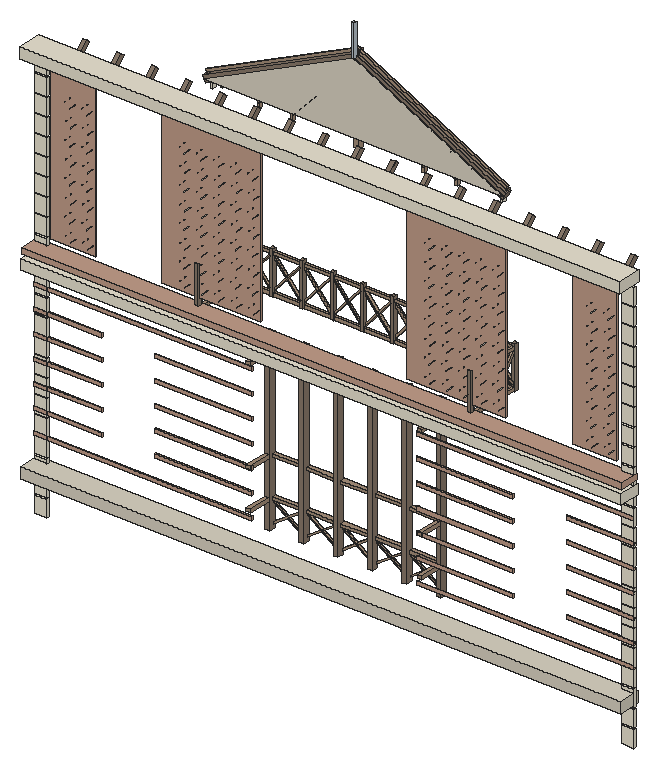
Revit family "AM_Detail_02_Rear_balcony_facade__observed", category Generic Models, Revit 2025 (continued)
Forms (mm)
  Extrusion 244, solid, material "AM Ivory carved stone"
    sketch origin (2220, 6031, 7185) x (0, 0, -1) y (1, 0, 0)
      loop
        line (0, 0) -> (165, -165) -> (330, 0) -> (165, 165) -> (0, 0)
    from 0 to 9
  Extrusion 245, solid, material "AM Ivory carved stone"
    sketch origin (2330, 6031, 7075) x (0, 0, -1) y (1, 0, 0)
      loop
        line (0, 0) -> (55, -55) -> (110, 0) -> (55, 55) -> (0, 0)
    from 0 to 9
  Extrusion 246, solid, material "AM Ivory carved stone"
    sketch origin (2110, 6031, 7075) x (0, 0, -1) y (1, 0, 0)
      loop
        line (0, 0) -> (55, -55) -> (110, 0) -> (55, 55) -> (0, 0)
    from 0 to 9
  Extrusion 247, solid, material "AM Ivory carved stone"
    sketch origin (2220, 6031, 6965) x (0, 0, -1) y (1, 0, 0)
      loop
        line (0, 0) -> (55, -55) -> (110, 0) -> (55, 55) -> (0, 0)
    from 0 to 9
  Extrusion 248, solid, material "AM Ivory carved stone"
    sketch origin (2220, 6031, 7185) x (0, 0, -1) y (1, 0, 0)
      loop
        line (0, 0) -> (55, -55) -> (110, 0) -> (55, 55) -> (0, 0)
    from 0 to 9
  Extrusion 249, solid, material "AM Ivory carved stone"
    sketch origin (3800, 6031, 7585) x (0, 0, -1) y (1, 0, 0)
      loop
        line (0, 0) -> (165, -165) -> (330, 0) -> (165, 165) -> (0, 0)
    from 0 to 9
  Extrusion 250, solid, material "AM Ivory carved stone"
    sketch origin (3910, 6031, 7475) x (0, 0, -1) y (1, 0, 0)
      loop
        line (0, 0) -> (55, -55) -> (110, 0) -> (55, 55) -> (0, 0)
    from 0 to 9
  Extrusion 251, solid, material "AM Ivory carved stone"
    sketch origin (3690, 6031, 7475) x (0, 0, -1) y (1, 0, 0)
      loop
        line (0, 0) -> (55, -55) -> (110, 0) -> (55, 55) -> (0, 0)
    from 0 to 9
  Extrusion 252, solid, material "AM Ivory carved stone"
    sketch origin (3800, 6031, 7365) x (0, 0, -1) y (1, 0, 0)
      loop
        line (0, 0) -> (55, -55) -> (110, 0) -> (55, 55) -> (0, 0)
    from 0 to 9
  Extrusion 253, solid, material "AM Ivory carved stone"
    sketch origin (3800, 6031, 7585) x (0, 0, -1) y (1, 0, 0)
      loop
        line (0, 0) -> (55, -55) -> (110, 0) -> (55, 55) -> (0, 0)
    from 0 to 9
  Extrusion 254, solid, material "AM Ivory carved stone"
    sketch origin (3400, 6031, 7585) x (0, 0, -1) y (1, 0, 0)
      loop
        line (0, 0) -> (165, -165) -> (330, 0) -> (165, 165) -> (0, 0)
    from 0 to 9
  Extrusion 255, solid, material "AM Ivory carved stone"
    sketch origin (3510, 6031, 7475) x (0, 0, -1) y (1, 0, 0)
      loop
        line (0, 0) -> (55, -55) -> (110, 0) -> (55, 55) -> (0, 0)
    from 0 to 9
  Extrusion 256, solid, material "AM Ivory carved stone"
    sketch origin (3290, 6031, 7475) x (0, 0, -1) y (1, 0, 0)
      loop
        line (0, 0) -> (55, -55) -> (110, 0) -> (55, 55) -> (0, 0)
    from 0 to 9
  Extrusion 257, solid, material "AM Ivory carved stone"
    sketch origin (3400, 6031, 7365) x (0, 0, -1) y (1, 0, 0)
      loop
        line (0, 0) -> (55, -55) -> (110, 0) -> (55, 55) -> (0, 0)
    from 0 to 9
  Extrusion 258, solid, material "AM Ivory carved stone"
    sketch origin (3400, 6031, 7585) x (0, 0, -1) y (1, 0, 0)
      loop
        line (0, 0) -> (55, -55) -> (110, 0) -> (55, 55) -> (0, 0)
    from 0 to 9
  Extrusion 259, solid, material "AM Ivory carved stone"
    sketch origin (3000, 6031, 7585) x (0, 0, -1) y (1, 0, 0)
      loop
        line (0, 0) -> (165, -165) -> (330, 0) -> (165, 165) -> (0, 0)
    from 0 to 9
  Extrusion 260, solid, material "AM Ivory carved stone"
    sketch origin (3110, 6031, 7475) x (0, 0, -1) y (1, 0, 0)
      loop
        line (0, 0) -> (55, -55) -> (110, 0) -> (55, 55) -> (0, 0)
    from 0 to 9
  Extrusion 261, solid, material "AM Ivory carved stone"
    sketch origin (2890, 6031, 7475) x (0, 0, -1) y (1, 0, 0)
      loop
        line (0, 0) -> (55, -55) -> (110, 0) -> (55, 55) -> (0, 0)
    from 0 to 9
  Extrusion 262, solid, material "AM Ivory carved stone"
    sketch origin (3000, 6031, 7365) x (0, 0, -1) y (1, 0, 0)
      loop
        line (0, 0) -> (55, -55) -> (110, 0) -> (55, 55) -> (0, 0)
    from 0 to 9
  Extrusion 263, solid, material "AM Ivory carved stone"
    sketch origin (3000, 6031, 7585) x (0, 0, -1) y (1, 0, 0)
      loop
        line (0, 0) -> (55, -55) -> (110, 0) -> (55, 55) -> (0, 0)
    from 0 to 9
  Extrusion 264, solid, material "AM Ivory carved stone"
    sketch origin (2600, 6031, 7585) x (0, 0, -1) y (1, 0, 0)
      loop
        line (0, 0) -> (165, -165) -> (330, 0) -> (165, 165) -> (0, 0)
    from 0 to 9
  Extrusion 265, solid, material "AM Ivory carved stone"
    sketch origin (2710, 6031, 7475) x (0, 0, -1) y (1, 0, 0)
      loop
        line (0, 0) -> (55, -55) -> (110, 0) -> (55, 55) -> (0, 0)
    from 0 to 9
  Extrusion 266, solid, material "AM Ivory carved stone"
    sketch origin (2490, 6031, 7475) x (0, 0, -1) y (1, 0, 0)
      loop
        line (0, 0) -> (55, -55) -> (110, 0) -> (55, 55) -> (0, 0)
    from 0 to 9
  Extrusion 267, solid, material "AM Ivory carved stone"
    sketch origin (2600, 6031, 7365) x (0, 0, -1) y (1, 0, 0)
      loop
        line (0, 0) -> (55, -55) -> (110, 0) -> (55, 55) -> (0, 0)
    from 0 to 9
  Extrusion 268, solid, material "AM Ivory carved stone"
    sketch origin (2600, 6031, 7585) x (0, 0, -1) y (1, 0, 0)
      loop
        line (0, 0) -> (55, -55) -> (110, 0) -> (55, 55) -> (0, 0)
    from 0 to 9
  Extrusion 269, solid, material "AM Ivory carved stone"
    sketch origin (2200, 6031, 7585) x (0, 0, -1) y (1, 0, 0)
      loop
        line (0, 0) -> (165, -165) -> (330, 0) -> (165, 165) -> (0, 0)
    from 0 to 9
  Extrusion 270, solid, material "AM Ivory carved stone"
    sketch origin (2310, 6031, 7475) x (0, 0, -1) y (1, 0, 0)
      loop
        line (0, 0) -> (55, -55) -> (110, 0) -> (55, 55) -> (0, 0)
    from 0 to 9
  Extrusion 271, solid, material "AM Ivory carved stone"
    sketch origin (2090, 6031, 7475) x (0, 0, -1) y (1, 0, 0)
      loop
        line (0, 0) -> (55, -55) -> (110, 0) -> (55, 55) -> (0, 0)
    from 0 to 9
  Extrusion 272, solid, material "AM Ivory carved stone"
    sketch origin (2200, 6031, 7365) x (0, 0, -1) y (1, 0, 0)
      loop
        line (0, 0) -> (55, -55) -> (110, 0) -> (55, 55) -> (0, 0)
    from 0 to 9
  Extrusion 273, solid, material "AM Ivory carved stone"
    sketch origin (2200, 6031, 7585) x (0, 0, -1) y (1, 0, 0)
      loop
        line (0, 0) -> (55, -55) -> (110, 0) -> (55, 55) -> (0, 0)
    from 0 to 9
  Extrusion 274, solid, material "AM Ivory carved stone"
    sketch origin (3820, 6031, 7985) x (0, 0, -1) y (1, 0, 0)
      loop
        line (0, 0) -> (165, -165) -> (330, 0) -> (165, 165) -> (0, 0)
    from 0 to 9
  Extrusion 275, solid, material "AM Ivory carved stone"
    sketch origin (3930, 6031, 7875) x (0, 0, -1) y (1, 0, 0)
      loop
        line (0, 0) -> (55, -55) -> (110, 0) -> (55, 55) -> (0, 0)
    from 0 to 9
  Extrusion 276, solid, material "AM Ivory carved stone"
    sketch origin (3710, 6031, 7875) x (0, 0, -1) y (1, 0, 0)
      loop
        line (0, 0) -> (55, -55) -> (110, 0) -> (55, 55) -> (0, 0)
    from 0 to 9
  Extrusion 277, solid, material "AM Ivory carved stone"
    sketch origin (3820, 6031, 7765) x (0, 0, -1) y (1, 0, 0)
      loop
        line (0, 0) -> (55, -55) -> (110, 0) -> (55, 55) -> (0, 0)
    from 0 to 9
  Extrusion 278, solid, material "AM Ivory carved stone"
    sketch origin (3820, 6031, 7985) x (0, 0, -1) y (1, 0, 0)
      loop
        line (0, 0) -> (55, -55) -> (110, 0) -> (55, 55) -> (0, 0)
    from 0 to 9
  Extrusion 279, solid, material "AM Ivory carved stone"
    sketch origin (3420, 6031, 7985) x (0, 0, -1) y (1, 0, 0)
      loop
        line (0, 0) -> (165, -165) -> (330, 0) -> (165, 165) -> (0, 0)
    from 0 to 9
  Extrusion 280, solid, material "AM Ivory carved stone"
    sketch origin (3530, 6031, 7875) x (0, 0, -1) y (1, 0, 0)
      loop
        line (0, 0) -> (55, -55) -> (110, 0) -> (55, 55) -> (0, 0)
    from 0 to 9
  Extrusion 281, solid, material "AM Ivory carved stone"
    sketch origin (3310, 6031, 7875) x (0, 0, -1) y (1, 0, 0)
      loop
        line (0, 0) -> (55, -55) -> (110, 0) -> (55, 55) -> (0, 0)
    from 0 to 9
  Extrusion 282, solid, material "AM Ivory carved stone"
    sketch origin (3420, 6031, 7765) x (0, 0, -1) y (1, 0, 0)
      loop
        line (0, 0) -> (55, -55) -> (110, 0) -> (55, 55) -> (0, 0)
    from 0 to 9
  Extrusion 283, solid, material "AM Ivory carved stone"
    sketch origin (3420, 6031, 7985) x (0, 0, -1) y (1, 0, 0)
      loop
        line (0, 0) -> (55, -55) -> (110, 0) -> (55, 55) -> (0, 0)
    from 0 to 9
  Extrusion 284, solid, material "AM Ivory carved stone"
    sketch origin (3020, 6031, 7985) x (0, 0, -1) y (1, 0, 0)
      loop
        line (0, 0) -> (165, -165) -> (330, 0) -> (165, 165) -> (0, 0)
    from 0 to 9
  Extrusion 285, solid, material "AM Ivory carved stone"
    sketch origin (3130, 6031, 7875) x (0, 0, -1) y (1, 0, 0)
      loop
        line (0, 0) -> (55, -55) -> (110, 0) -> (55, 55) -> (0, 0)
    from 0 to 9
  Extrusion 286, solid, material "AM Ivory carved stone"
    sketch origin (2910, 6031, 7875) x (0, 0, -1) y (1, 0, 0)
      loop
        line (0, 0) -> (55, -55) -> (110, 0) -> (55, 55) -> (0, 0)
    from 0 to 9
  Extrusion 287, solid, material "AM Ivory carved stone"
    sketch origin (3020, 6031, 7765) x (0, 0, -1) y (1, 0, 0)
      loop
        line (0, 0) -> (55, -55) -> (110, 0) -> (55, 55) -> (0, 0)
    from 0 to 9
  Extrusion 288, solid, material "AM Ivory carved stone"
    sketch origin (3020, 6031, 7985) x (0, 0, -1) y (1, 0, 0)
      loop
        line (0, 0) -> (55, -55) -> (110, 0) -> (55, 55) -> (0, 0)
    from 0 to 9
  Extrusion 289, solid, material "AM Ivory carved stone"
    sketch origin (2620, 6031, 7985) x (0, 0, -1) y (1, 0, 0)
      loop
        line (0, 0) -> (165, -165) -> (330, 0) -> (165, 165) -> (0, 0)
    from 0 to 9
  Extrusion 290, solid, material "AM Ivory carved stone"
    sketch origin (2730, 6031, 7875) x (0, 0, -1) y (1, 0, 0)
      loop
        line (0, 0) -> (55, -55) -> (110, 0) -> (55, 55) -> (0, 0)
    from 0 to 9
  Extrusion 291, solid, material "AM Ivory carved stone"
    sketch origin (2510, 6031, 7875) x (0, 0, -1) y (1, 0, 0)
      loop
        line (0, 0) -> (55, -55) -> (110, 0) -> (55, 55) -> (0, 0)
    from 0 to 9
  Extrusion 292, solid, material "AM Ivory carved stone"
    sketch origin (2620, 6031, 7765) x (0, 0, -1) y (1, 0, 0)
      loop
        line (0, 0) -> (55, -55) -> (110, 0) -> (55, 55) -> (0, 0)
    from 0 to 9
  Extrusion 293, solid, material "AM Ivory carved stone"
    sketch origin (2620, 6031, 7985) x (0, 0, -1) y (1, 0, 0)
      loop
        line (0, 0) -> (55, -55) -> (110, 0) -> (55, 55) -> (0, 0)
    from 0 to 9
  Extrusion 294, solid, material "AM Ivory carved stone"
    sketch origin (2220, 6031, 7985) x (0, 0, -1) y (1, 0, 0)
      loop
        line (0, 0) -> (165, -165) -> (330, 0) -> (165, 165) -> (0, 0)
    from 0 to 9
  Extrusion 295, solid, material "AM Ivory carved stone"
    sketch origin (2330, 6031, 7875) x (0, 0, -1) y (1, 0, 0)
      loop
        line (0, 0) -> (55, -55) -> (110, 0) -> (55, 55) -> (0, 0)
    from 0 to 9
  Extrusion 296, solid, material "AM Ivory carved stone"
    sketch origin (2110, 6031, 7875) x (0, 0, -1) y (1, 0, 0)
      loop
        line (0, 0) -> (55, -55) -> (110, 0) -> (55, 55) -> (0, 0)
    from 0 to 9
  Extrusion 297, solid, material "AM Ivory carved stone"
    sketch origin (2220, 6031, 7765) x (0, 0, -1) y (1, 0, 0)
      loop
        line (0, 0) -> (55, -55) -> (110, 0) -> (55, 55) -> (0, 0)
    from 0 to 9
  Extrusion 298, solid, material "AM Ivory carved stone"
    sketch origin (2220, 6031, 7985) x (0, 0, -1) y (1, 0, 0)
      loop
        line (0, 0) -> (55, -55) -> (110, 0) -> (55, 55) -> (0, 0)
    from 0 to 9
  Extrusion 299, solid, material "AM Ivory carved stone"
    sketch origin (3800, 6031, 8385) x (0, 0, -1) y (1, 0, 0)
      loop
        line (0, 0) -> (165, -165) -> (330, 0) -> (165, 165) -> (0, 0)
    from 0 to 9
  Extrusion 300, solid, material "AM Ivory carved stone"
    sketch origin (3910, 6031, 8275) x (0, 0, -1) y (1, 0, 0)
      loop
        line (0, 0) -> (54.999, -55) -> (110, 0) -> (54.999, 55) -> (0, 0)
    from 0 to 9
  Extrusion 301, solid, material "AM Ivory carved stone"
    sketch origin (3690, 6031, 8275) x (0, 0, -1) y (1, 0, 0)
      loop
        line (0, 0) -> (54.999, -55) -> (110, 0) -> (54.999, 55) -> (0, 0)
    from 0 to 9
  Extrusion 302, solid, material "AM Ivory carved stone"
    sketch origin (3800, 6031, 8165) x (0, 0, -1) y (1, 0, 0)
      loop
        line (0, 0) -> (55, -55) -> (110, 0) -> (55, 55) -> (0, 0)
    from 0 to 9
  Extrusion 303, solid, material "AM Ivory carved stone"
    sketch origin (3800, 6031, 8385) x (0, 0, -1) y (1, 0, 0)
      loop
        line (0, 0) -> (55, -55) -> (110.001, 0) -> (55, 55) -> (0, 0)
    from 0 to 9
  Extrusion 304, solid, material "AM Ivory carved stone"
    sketch origin (3400, 6031, 8385) x (0, 0, -1) y (1, 0, 0)
      loop
        line (0, 0) -> (165, -165) -> (330, 0) -> (165, 165) -> (0, 0)
    from 0 to 9
  Extrusion 305, solid, material "AM Ivory carved stone"
    sketch origin (3510, 6031, 8275) x (0, 0, -1) y (1, 0, 0)
      loop
        line (0, 0) -> (54.999, -55) -> (110, 0) -> (54.999, 55) -> (0, 0)
    from 0 to 9
  Extrusion 306, solid, material "AM Ivory carved stone"
    sketch origin (3290, 6031, 8275) x (0, 0, -1) y (1, 0, 0)
      loop
        line (0, 0) -> (54.999, -55) -> (110, 0) -> (54.999, 55) -> (0, 0)
    from 0 to 9
  Extrusion 307, solid, material "AM Ivory carved stone"
    sketch origin (3400, 6031, 8165) x (0, 0, -1) y (1, 0, 0)
      loop
        line (0, 0) -> (55, -55) -> (110, 0) -> (55, 55) -> (0, 0)
    from 0 to 9
  Extrusion 308, solid, material "AM Ivory carved stone"
    sketch origin (3400, 6031, 8385) x (0, 0, -1) y (1, 0, 0)
      loop
        line (0, 0) -> (55, -55) -> (110.001, 0) -> (55, 55) -> (0, 0)
    from 0 to 9
  Extrusion 309, solid, material "AM Ivory carved stone"
    sketch origin (3000, 6031, 8385) x (0, 0, -1) y (1, 0, 0)
      loop
        line (0, 0) -> (165, -165) -> (330, 0) -> (165, 165) -> (0, 0)
    from 0 to 9
  Extrusion 310, solid, material "AM Ivory carved stone"
    sketch origin (3110, 6031, 8275) x (0, 0, -1) y (1, 0, 0)
      loop
        line (0, 0) -> (54.999, -55) -> (110, 0) -> (54.999, 55) -> (0, 0)
    from 0 to 9
  Extrusion 311, solid, material "AM Ivory carved stone"
    sketch origin (2890, 6031, 8275) x (0, 0, -1) y (1, 0, 0)
      loop
        line (0, 0) -> (54.999, -55) -> (110, 0) -> (54.999, 55) -> (0, 0)
    from 0 to 9
  Extrusion 312, solid, material "AM Ivory carved stone"
    sketch origin (3000, 6031, 8165) x (0, 0, -1) y (1, 0, 0)
      loop
        line (0, 0) -> (55, -55) -> (110, 0) -> (55, 55) -> (0, 0)
    from 0 to 9
  Extrusion 313, solid, material "AM Ivory carved stone"
    sketch origin (3000, 6031, 8385) x (0, 0, -1) y (1, 0, 0)
      loop
        line (0, 0) -> (55, -55) -> (110.001, 0) -> (55, 55) -> (0, 0)
    from 0 to 9
  Extrusion 314, solid, material "AM Ivory carved stone"
    sketch origin (2600, 6031, 8385) x (0, 0, -1) y (1, 0, 0)
      loop
        line (0, 0) -> (165, -165) -> (330, 0) -> (165, 165) -> (0, 0)
    from 0 to 9
  Extrusion 315, solid, material "AM Ivory carved stone"
    sketch origin (2710, 6031, 8275) x (0, 0, -1) y (1, 0, 0)
      loop
        line (0, 0) -> (54.999, -55) -> (110, 0) -> (54.999, 55) -> (0, 0)
    from 0 to 9
  Extrusion 316, solid, material "AM Ivory carved stone"
    sketch origin (2490, 6031, 8275) x (0, 0, -1) y (1, 0, 0)
      loop
        line (0, 0) -> (54.999, -55) -> (110, 0) -> (54.999, 55) -> (0, 0)
    from 0 to 9
  Extrusion 317, solid, material "AM Ivory carved stone"
    sketch origin (2600, 6031, 8165) x (0, 0, -1) y (1, 0, 0)
      loop
        line (0, 0) -> (55, -55) -> (110, 0) -> (55, 55) -> (0, 0)
    from 0 to 9
  Extrusion 318, solid, material "AM Ivory carved stone"
    sketch origin (2600, 6031, 8385) x (0, 0, -1) y (1, 0, 0)
      loop
        line (0, 0) -> (55, -55) -> (110.001, 0) -> (55, 55) -> (0, 0)
    from 0 to 9
  Extrusion 319, solid, material "AM Ivory carved stone"
    sketch origin (2200, 6031, 8385) x (0, 0, -1) y (1, 0, 0)
      loop
        line (0, 0) -> (165, -165) -> (330, 0) -> (165, 165) -> (0, 0)
    from 0 to 9
  Extrusion 320, solid, material "AM Ivory carved stone"
    sketch origin (2310, 6031, 8275) x (0, 0, -1) y (1, 0, 0)
      loop
        line (0, 0) -> (54.999, -55) -> (110, 0) -> (54.999, 55) -> (0, 0)
    from 0 to 9
  Extrusion 321, solid, material "AM Ivory carved stone"
    sketch origin (2090, 6031, 8275) x (0, 0, -1) y (1, 0, 0)
      loop
        line (0, 0) -> (54.999, -55) -> (110, 0) -> (54.999, 55) -> (0, 0)
    from 0 to 9
  Extrusion 322, solid, material "AM Ivory carved stone"
    sketch origin (2200, 6031, 8165) x (0, 0, -1) y (1, 0, 0)
      loop
        line (0, 0) -> (55, -55) -> (110, 0) -> (55, 55) -> (0, 0)
    from 0 to 9
  Extrusion 323, solid, material "AM Ivory carved stone"
    sketch origin (2200, 6031, 8385) x (0, 0, -1) y (1, 0, 0)
      loop
        line (0, 0) -> (55, -55) -> (110.001, 0) -> (55, 55) -> (0, 0)
    from 0 to 9
  Extrusion 324, solid, material "AM Ivory carved stone"
    sketch origin (3820, 6031, 8785) x (0, 0, -1) y (1, 0, 0)
      loop
        line (0, 0) -> (165, -165) -> (330, 0) -> (165, 165) -> (0, 0)
    from 0 to 9
  Extrusion 325, solid, material "AM Ivory carved stone"
    sketch origin (3930, 6031, 8675) x (0, 0, -1) y (1, 0, 0)
      loop
        line (0, 0) -> (55, -55) -> (110.001, 0) -> (55, 55) -> (0, 0)
    from 0 to 9
  Extrusion 326, solid, material "AM Ivory carved stone"
    sketch origin (3710, 6031, 8675) x (0, 0, -1) y (1, 0, 0)
      loop
        line (0, 0) -> (55, -55) -> (110.001, 0) -> (55, 55) -> (0, 0)
    from 0 to 9
  Extrusion 327, solid, material "AM Ivory carved stone"
    sketch origin (3820, 6031, 8565) x (0, 0, -1) y (1, 0, 0)
      loop
        line (0, 0) -> (54.999, -55) -> (110, 0) -> (54.999, 55) -> (0, 0)
    from 0 to 9
  Extrusion 328, solid, material "AM Ivory carved stone"
    sketch origin (3820, 6031, 8785) x (0, 0, -1) y (1, 0, 0)
      loop
        line (0, 0) -> (55, -55) -> (110, 0) -> (55, 55) -> (0, 0)
    from 0 to 9
  Extrusion 329, solid, material "AM Ivory carved stone"
    sketch origin (3420, 6031, 8785) x (0, 0, -1) y (1, 0, 0)
      loop
        line (0, 0) -> (165, -165) -> (330, 0) -> (165, 165) -> (0, 0)
    from 0 to 9
  Extrusion 330, solid, material "AM Ivory carved stone"
    sketch origin (3530, 6031, 8675) x (0, 0, -1) y (1, 0, 0)
      loop
        line (0, 0) -> (55, -55) -> (110.001, 0) -> (55, 55) -> (0, 0)
    from 0 to 9
  Extrusion 331, solid, material "AM Ivory carved stone"
    sketch origin (3310, 6031, 8675) x (0, 0, -1) y (1, 0, 0)
      loop
        line (0, 0) -> (55, -55) -> (110.001, 0) -> (55, 55) -> (0, 0)
    from 0 to 9
  Extrusion 332, solid, material "AM Ivory carved stone"
    sketch origin (3420, 6031, 8565) x (0, 0, -1) y (1, 0, 0)
      loop
        line (0, 0) -> (54.999, -55) -> (110, 0) -> (54.999, 55) -> (0, 0)
    from 0 to 9
  Extrusion 333, solid, material "AM Ivory carved stone"
    sketch origin (3420, 6031, 8785) x (0, 0, -1) y (1, 0, 0)
      loop
        line (0, 0) -> (55, -55) -> (110, 0) -> (55, 55) -> (0, 0)
    from 0 to 9
  Extrusion 334, solid, material "AM Ivory carved stone"
    sketch origin (3020, 6031, 8785) x (0, 0, -1) y (1, 0, 0)
      loop
        line (0, 0) -> (165, -165) -> (330, 0) -> (165, 165) -> (0, 0)
    from 0 to 9
  Extrusion 335, solid, material "AM Ivory carved stone"
    sketch origin (3130, 6031, 8675) x (0, 0, -1) y (1, 0, 0)
      loop
        line (0, 0) -> (55, -55) -> (110.001, 0) -> (55, 55) -> (0, 0)
    from 0 to 9
  Extrusion 336, solid, material "AM Ivory carved stone"
    sketch origin (2910, 6031, 8675) x (0, 0, -1) y (1, 0, 0)
      loop
        line (0, 0) -> (55, -55) -> (110.001, 0) -> (55, 55) -> (0, 0)
    from 0 to 9
  Extrusion 337, solid, material "AM Ivory carved stone"
    sketch origin (3020, 6031, 8565) x (0, 0, -1) y (1, 0, 0)
      loop
        line (0, 0) -> (54.999, -55) -> (110, 0) -> (54.999, 55) -> (0, 0)
    from 0 to 9
  Extrusion 338, solid, material "AM Ivory carved stone"
    sketch origin (3020, 6031, 8785) x (0, 0, -1) y (1, 0, 0)
      loop
        line (0, 0) -> (55, -55) -> (110, 0) -> (55, 55) -> (0, 0)
    from 0 to 9
  Extrusion 339, solid, material "AM Ivory carved stone"
    sketch origin (2620, 6031, 8785) x (0, 0, -1) y (1, 0, 0)
      loop
        line (0, 0) -> (165, -165) -> (330, 0) -> (165, 165) -> (0, 0)
    from 0 to 9
  Extrusion 340, solid, material "AM Ivory carved stone"
    sketch origin (2730, 6031, 8675) x (0, 0, -1) y (1, 0, 0)
      loop
        line (0, 0) -> (55, -55) -> (110.001, 0) -> (55, 55) -> (0, 0)
    from 0 to 9
  Extrusion 341, solid, material "AM Ivory carved stone"
    sketch origin (2510, 6031, 8675) x (0, 0, -1) y (1, 0, 0)
      loop
        line (0, 0) -> (55, -55) -> (110.001, 0) -> (55, 55) -> (0, 0)
    from 0 to 9
  Extrusion 342, solid, material "AM Ivory carved stone"
    sketch origin (2620, 6031, 8565) x (0, 0, -1) y (1, 0, 0)
      loop
        line (0, 0) -> (54.999, -55) -> (110, 0) -> (54.999, 55) -> (0, 0)
    from 0 to 9
  Extrusion 343, solid, material "AM Ivory carved stone"
    sketch origin (2620, 6031, 8785) x (0, 0, -1) y (1, 0, 0)
      loop
        line (0, 0) -> (55, -55) -> (110, 0) -> (55, 55) -> (0, 0)
    from 0 to 9
  Extrusion 344, solid, material "AM Ivory carved stone"
    sketch origin (2220, 6031, 8785) x (0, 0, -1) y (1, 0, 0)
      loop
        line (0, 0) -> (165, -165) -> (330, 0) -> (165, 165) -> (0, 0)
    from 0 to 9
  Extrusion 345, solid, material "AM Ivory carved stone"
    sketch origin (2330, 6031, 8675) x (0, 0, -1) y (1, 0, 0)
      loop
        line (0, 0) -> (55, -55) -> (110.001, 0) -> (55, 55) -> (0, 0)
    from 0 to 9
  Extrusion 346, solid, material "AM Ivory carved stone"
    sketch origin (2110, 6031, 8675) x (0, 0, -1) y (1, 0, 0)
      loop
        line (0, 0) -> (55, -55) -> (110.001, 0) -> (55, 55) -> (0, 0)
    from 0 to 9
  Extrusion 347, solid, material "AM Ivory carved stone"
    sketch origin (2220, 6031, 8565) x (0, 0, -1) y (1, 0, 0)
      loop
        line (0, 0) -> (54.999, -55) -> (110, 0) -> (54.999, 55) -> (0, 0)
    from 0 to 9
  Extrusion 348, solid, material "AM Ivory carved stone"
    sketch origin (2220, 6031, 8785) x (0, 0, -1) y (1, 0, 0)
      loop
        line (0, 0) -> (55, -55) -> (110, 0) -> (55, 55) -> (0, 0)
    from 0 to 9
  Extrusion 349, solid, material "AM Ivory carved stone"
    sketch origin (3800, 6031, 9185) x (0, 0, -1) y (1, 0, 0)
      loop
        line (0, 0) -> (165, -165) -> (330.001, 0) -> (165, 165) -> (0, 0)
    from 0 to 9
  Extrusion 350, solid, material "AM Ivory carved stone"
    sketch origin (3910, 6031, 9075) x (0, 0, -1) y (1, 0, 0)
      loop
        line (0, 0) -> (54.999, -55) -> (110, 0) -> (54.999, 55) -> (0, 0)
    from 0 to 9
  Extrusion 351, solid, material "AM Ivory carved stone"
    sketch origin (3690, 6031, 9075) x (0, 0, -1) y (1, 0, 0)
      loop
        line (0, 0) -> (54.999, -55) -> (110, 0) -> (54.999, 55) -> (0, 0)
    from 0 to 9
  Extrusion 352, solid, material "AM Ivory carved stone"
    sketch origin (3800, 6031, 8965) x (0, 0, -1) y (1, 0, 0)
      loop
        line (0, 0) -> (55, -55) -> (110.001, 0) -> (55, 55) -> (0, 0)
    from 0 to 9
  Extrusion 353, solid, material "AM Ivory carved stone"
    sketch origin (3800, 6031, 9185) x (0, 0, -1) y (1, 0, 0)
      loop
        line (0, 0) -> (55, -55) -> (110.001, 0) -> (55, 55) -> (0, 0)
    from 0 to 9
  Extrusion 354, solid, material "AM Ivory carved stone"
    sketch origin (3400, 6031, 9185) x (0, 0, -1) y (1, 0, 0)
      loop
        line (0, 0) -> (165, -165) -> (330.001, 0) -> (165, 165) -> (0, 0)
    from 0 to 9
  Extrusion 355, solid, material "AM Ivory carved stone"
    sketch origin (3510, 6031, 9075) x (0, 0, -1) y (1, 0, 0)
      loop
        line (0, 0) -> (54.999, -55) -> (110, 0) -> (54.999, 55) -> (0, 0)
    from 0 to 9
  Extrusion 356, solid, material "AM Ivory carved stone"
    sketch origin (3290, 6031, 9075) x (0, 0, -1) y (1, 0, 0)
      loop
        line (0, 0) -> (54.999, -55) -> (110, 0) -> (54.999, 55) -> (0, 0)
    from 0 to 9
  Extrusion 357, solid, material "AM Ivory carved stone"
    sketch origin (3400, 6031, 8965) x (0, 0, -1) y (1, 0, 0)
      loop
        line (0, 0) -> (55, -55) -> (110.001, 0) -> (55, 55) -> (0, 0)
    from 0 to 9
  Extrusion 358, solid, material "AM Ivory carved stone"
    sketch origin (3400, 6031, 9185) x (0, 0, -1) y (1, 0, 0)
      loop
        line (0, 0) -> (55, -55) -> (110.001, 0) -> (55, 55) -> (0, 0)
    from 0 to 9
  Extrusion 359, solid, material "AM Ivory carved stone"
    sketch origin (3000, 6031, 9185) x (0, 0, -1) y (1, 0, 0)
      loop
        line (0, 0) -> (165, -165) -> (330.001, 0) -> (165, 165) -> (0, 0)
    from 0 to 9
  Extrusion 360, solid, material "AM Ivory carved stone"
    sketch origin (3110, 6031, 9075) x (0, 0, -1) y (1, 0, 0)
      loop
        line (0, 0) -> (54.999, -55) -> (110, 0) -> (54.999, 55) -> (0, 0)
    from 0 to 9
  Extrusion 361, solid, material "AM Ivory carved stone"
    sketch origin (2890, 6031, 9075) x (0, 0, -1) y (1, 0, 0)
      loop
        line (0, 0) -> (54.999, -55) -> (110, 0) -> (54.999, 55) -> (0, 0)
    from 0 to 9
  Extrusion 362, solid, material "AM Ivory carved stone"
    sketch origin (3000, 6031, 8965) x (0, 0, -1) y (1, 0, 0)
      loop
        line (0, 0) -> (55, -55) -> (110.001, 0) -> (55, 55) -> (0, 0)
    from 0 to 9
  Extrusion 363, solid, material "AM Ivory carved stone"
    sketch origin (3000, 6031, 9185) x (0, 0, -1) y (1, 0, 0)
      loop
        line (0, 0) -> (55, -55) -> (110.001, 0) -> (55, 55) -> (0, 0)
    from 0 to 9
  Extrusion 364, solid, material "AM Ivory carved stone"
    sketch origin (2600, 6031, 9185) x (0, 0, -1) y (1, 0, 0)
      loop
        line (0, 0) -> (165, -165) -> (330.001, 0) -> (165, 165) -> (0, 0)
    from 0 to 9
  Extrusion 365, solid, material "AM Ivory carved stone"
    sketch origin (2710, 6031, 9075) x (0, 0, -1) y (1, 0, 0)
      loop
        line (0, 0) -> (54.999, -55) -> (110, 0) -> (54.999, 55) -> (0, 0)
    from 0 to 9
  Extrusion 366, solid, material "AM Ivory carved stone"
    sketch origin (2490, 6031, 9075) x (0, 0, -1) y (1, 0, 0)
      loop
        line (0, 0) -> (54.999, -55) -> (110, 0) -> (54.999, 55) -> (0, 0)
    from 0 to 9
  Extrusion 367, solid, material "AM Ivory carved stone"
    sketch origin (2600, 6031, 8965) x (0, 0, -1) y (1, 0, 0)
      loop
        line (0, 0) -> (55, -55) -> (110.001, 0) -> (55, 55) -> (0, 0)
    from 0 to 9
  Extrusion 368, solid, material "AM Ivory carved stone"
    sketch origin (2600, 6031, 9185) x (0, 0, -1) y (1, 0, 0)
      loop
        line (0, 0) -> (55, -55) -> (110.001, 0) -> (55, 55) -> (0, 0)
    from 0 to 9
  Extrusion 369, solid, material "AM Ivory carved stone"
    sketch origin (2200, 6031, 9185) x (0, 0, -1) y (1, 0, 0)
      loop
        line (0, 0) -> (165, -165) -> (330.001, 0) -> (165, 165) -> (0, 0)
    from 0 to 9
  Extrusion 370, solid, material "AM Ivory carved stone"
    sketch origin (2310, 6031, 9075) x (0, 0, -1) y (1, 0, 0)
      loop
        line (0, 0) -> (54.999, -55) -> (110, 0) -> (54.999, 55) -> (0, 0)
    from 0 to 9
  Extrusion 371, solid, material "AM Ivory carved stone"
    sketch origin (2090, 6031, 9075) x (0, 0, -1) y (1, 0, 0)
      loop
        line (0, 0) -> (54.999, -55) -> (110, 0) -> (54.999, 55) -> (0, 0)
    from 0 to 9
  Extrusion 372, solid, material "AM Ivory carved stone"
    sketch origin (2200, 6031, 8965) x (0, 0, -1) y (1, 0, 0)
      loop
        line (0, 0) -> (55, -55) -> (110.001, 0) -> (55, 55) -> (0, 0)
    from 0 to 9
  Extrusion 373, solid, material "AM Ivory carved stone"
    sketch origin (2200, 6031, 9185) x (0, 0, -1) y (1, 0, 0)
      loop
        line (0, 0) -> (55, -55) -> (110.001, 0) -> (55, 55) -> (0, 0)
    from 0 to 9
  Extrusion 374, solid, material "AM Faded terracotta masonry"
    sketch origin (-1700, 6022.501, 6000) x (1, 0, 0) y (0, 1, 0)
      loop
        line (0, 0) -> (-2320, 0) -> (-2320, -25.001) -> (0, -25) -> (0, 0)
    from 0 to 3550
  Extrusion 375, solid, material "AM Ivory carved stone"
    sketch origin (-1900, 6031, 6385) x (0, 0, -1) y (1, 0, 0)
      loop
        line (0, 0) -> (165, -165) -> (330, 0) -> (165, 165) -> (0, 0)
    from 0 to 9
  Extrusion 376, solid, material "AM Ivory carved stone"
    sketch origin (-1790, 6031, 6275) x (0, 0, -1) y (1, 0, 0)
      loop
        line (0, 0) -> (55, -55) -> (110, 0) -> (55, 55) -> (0, 0)
    from 0 to 9
  Extrusion 377, solid, material "AM Ivory carved stone"
    sketch origin (-2010, 6031, 6275) x (0, 0, -1) y (1, 0, 0)
      loop
        line (0, 0) -> (55, -55) -> (110, 0) -> (55, 55) -> (0, 0)
    from 0 to 9
  Extrusion 378, solid, material "AM Ivory carved stone"
    sketch origin (-1900, 6031, 6165) x (0, 0, -1) y (1, 0, 0)
      loop
        line (0, 0) -> (55, -55) -> (110, 0) -> (55, 55) -> (0, 0)
    from 0 to 9
  Extrusion 379, solid, material "AM Ivory carved stone"
    sketch origin (-1900, 6031, 6385) x (0, 0, -1) y (1, 0, 0)
      loop
        line (0, 0) -> (55, -55) -> (110, 0) -> (55, 55) -> (0, 0)
    from 0 to 9
  Extrusion 380, solid, material "AM Ivory carved stone"
    sketch origin (-2300, 6031, 6385) x (0, 0, -1) y (1, 0, 0)
      loop
        line (0, 0) -> (165, -165) -> (330, 0) -> (165, 165) -> (0, 0)
    from 0 to 9
  Extrusion 381, solid, material "AM Ivory carved stone"
    sketch origin (-2190, 6031, 6275) x (0, 0, -1) y (1, 0, 0)
      loop
        line (0, 0) -> (55, -55) -> (110, 0) -> (55, 55) -> (0, 0)
    from 0 to 9
  Extrusion 382, solid, material "AM Ivory carved stone"
    sketch origin (-2410, 6031, 6275) x (0, 0, -1) y (1, 0, 0)
      loop
        line (0, 0) -> (55, -55) -> (110, 0) -> (55, 55) -> (0, 0)
    from 0 to 9
  Extrusion 383, solid, material "AM Ivory carved stone"
    sketch origin (-2300, 6031, 6165) x (0, 0, -1) y (1, 0, 0)
      loop
        line (0, 0) -> (55, -55) -> (110, 0) -> (55, 55) -> (0, 0)
    from 0 to 9
  Extrusion 384, solid, material "AM Ivory carved stone"
    sketch origin (-2300, 6031, 6385) x (0, 0, -1) y (1, 0, 0)
      loop
        line (0, 0) -> (55, -55) -> (110, 0) -> (55, 55) -> (0, 0)
    from 0 to 9
  Extrusion 385, solid, material "AM Ivory carved stone"
    sketch origin (-2700, 6031, 6385) x (0, 0, -1) y (1, 0, 0)
      loop
        line (0, 0) -> (165, -165) -> (330, 0) -> (165, 165) -> (0, 0)
    from 0 to 9
  Extrusion 386, solid, material "AM Ivory carved stone"
    sketch origin (-2590, 6031, 6275) x (0, 0, -1) y (1, 0, 0)
      loop
        line (0, 0) -> (55, -55) -> (110, 0) -> (55, 55) -> (0, 0)
    from 0 to 9
  Extrusion 387, solid, material "AM Ivory carved stone"
    sketch origin (-2810, 6031, 6275) x (0, 0, -1) y (1, 0, 0)
      loop
        line (0, 0) -> (55, -55) -> (110, 0) -> (55, 55) -> (0, 0)
    from 0 to 9
  Extrusion 388, solid, material "AM Ivory carved stone"
    sketch origin (-2700, 6031, 6165) x (0, 0, -1) y (1, 0, 0)
      loop
        line (0, 0) -> (55, -55) -> (110, 0) -> (55, 55) -> (0, 0)
    from 0 to 9
  Extrusion 389, solid, material "AM Ivory carved stone"
    sketch origin (-2700, 6031, 6385) x (0, 0, -1) y (1, 0, 0)
      loop
        line (0, 0) -> (55, -55) -> (110, 0) -> (55, 55) -> (0, 0)
    from 0 to 9
  Extrusion 390, solid, material "AM Ivory carved stone"
    sketch origin (-3100, 6031, 6385) x (0, 0, -1) y (1, 0, 0)
      loop
        line (0, 0) -> (165, -165) -> (330, 0) -> (165, 165) -> (0, 0)
    from 0 to 9
  Extrusion 391, solid, material "AM Ivory carved stone"
    sketch origin (-2990, 6031, 6275) x (0, 0, -1) y (1, 0, 0)
      loop
        line (0, 0) -> (55, -55) -> (110, 0) -> (55, 55) -> (0, 0)
    from 0 to 9
  Extrusion 392, solid, material "AM Ivory carved stone"
    sketch origin (-3210, 6031, 6275) x (0, 0, -1) y (1, 0, 0)
      loop
        line (0, 0) -> (55, -55) -> (110, 0) -> (55, 55) -> (0, 0)
    from 0 to 9
  Extrusion 393, solid, material "AM Ivory carved stone"
    sketch origin (-3100, 6031, 6165) x (0, 0, -1) y (1, 0, 0)
      loop
        line (0, 0) -> (55, -55) -> (110, 0) -> (55, 55) -> (0, 0)
    from 0 to 9
  Extrusion 394, solid, material "AM Ivory carved stone"
    sketch origin (-3100, 6031, 6385) x (0, 0, -1) y (1, 0, 0)
      loop
        line (0, 0) -> (55, -55) -> (110, 0) -> (55, 55) -> (0, 0)
    from 0 to 9
  Extrusion 395, solid, material "AM Ivory carved stone"
    sketch origin (-3500, 6031, 6385) x (0, 0, -1) y (1, 0, 0)
      loop
        line (0, 0) -> (165, -165) -> (330, 0) -> (165, 165) -> (0, 0)
    from 0 to 9
  Extrusion 396, solid, material "AM Ivory carved stone"
    sketch origin (-3390, 6031, 6275) x (0, 0, -1) y (1, 0, 0)
      loop
        line (0, 0) -> (55, -55) -> (110, 0) -> (55, 55) -> (0, 0)
    from 0 to 9
  Extrusion 397, solid, material "AM Ivory carved stone"
    sketch origin (-3610, 6031, 6275) x (0, 0, -1) y (1, 0, 0)
      loop
        line (0, 0) -> (55, -55) -> (110, 0) -> (55, 55) -> (0, 0)
    from 0 to 9
  Extrusion 398, solid, material "AM Ivory carved stone"
    sketch origin (-3500, 6031, 6165) x (0, 0, -1) y (1, 0, 0)
      loop
        line (0, 0) -> (55, -55) -> (110, 0) -> (55, 55) -> (0, 0)
    from 0 to 9
  Extrusion 399, solid, material "AM Ivory carved stone"
    sketch origin (-3500, 6031, 6385) x (0, 0, -1) y (1, 0, 0)
      loop
        line (0, 0) -> (55, -55) -> (110, 0) -> (55, 55) -> (0, 0)
    from 0 to 9
  Extrusion 400, solid, material "AM Ivory carved stone"
    sketch origin (-1920, 6031, 6785) x (0, 0, -1) y (1, 0, 0)
      loop
        line (0, 0) -> (165, -165) -> (330, 0) -> (165, 165) -> (0, 0)
    from 0 to 9
  Extrusion 401, solid, material "AM Ivory carved stone"
    sketch origin (-1810, 6031, 6675) x (0, 0, -1) y (1, 0, 0)
      loop
        line (0, 0) -> (55, -55) -> (110, 0) -> (55, 55) -> (0, 0)
    from 0 to 9
  Extrusion 402, solid, material "AM Ivory carved stone"
    sketch origin (-2030, 6031, 6675) x (0, 0, -1) y (1, 0, 0)
      loop
        line (0, 0) -> (55, -55) -> (110, 0) -> (55, 55) -> (0, 0)
    from 0 to 9
  Extrusion 403, solid, material "AM Ivory carved stone"
    sketch origin (-1920, 6031, 6565) x (0, 0, -1) y (1, 0, 0)
      loop
        line (0, 0) -> (55, -55) -> (110, 0) -> (55, 55) -> (0, 0)
    from 0 to 9
  Extrusion 404, solid, material "AM Ivory carved stone"
    sketch origin (-1920, 6031, 6785) x (0, 0, -1) y (1, 0, 0)
      loop
        line (0, 0) -> (55, -55) -> (110, 0) -> (55, 55) -> (0, 0)
    from 0 to 9
  Extrusion 405, solid, material "AM Ivory carved stone"
    sketch origin (-2320, 6031, 6785) x (0, 0, -1) y (1, 0, 0)
      loop
        line (0, 0) -> (165, -165) -> (330, 0) -> (165, 165) -> (0, 0)
    from 0 to 9
  Extrusion 406, solid, material "AM Ivory carved stone"
    sketch origin (-2210, 6031, 6675) x (0, 0, -1) y (1, 0, 0)
      loop
        line (0, 0) -> (55, -55) -> (110, 0) -> (55, 55) -> (0, 0)
    from 0 to 9
  Extrusion 407, solid, material "AM Ivory carved stone"
    sketch origin (-2430, 6031, 6675) x (0, 0, -1) y (1, 0, 0)
      loop
        line (0, 0) -> (55, -55) -> (110, 0) -> (55, 55) -> (0, 0)
    from 0 to 9
  Extrusion 408, solid, material "AM Ivory carved stone"
    sketch origin (-2320, 6031, 6565) x (0, 0, -1) y (1, 0, 0)
      loop
        line (0, 0) -> (55, -55) -> (110, 0) -> (55, 55) -> (0, 0)
    from 0 to 9
  Extrusion 409, solid, material "AM Ivory carved stone"
    sketch origin (-2320, 6031, 6785) x (0, 0, -1) y (1, 0, 0)
      loop
        line (0, 0) -> (55, -55) -> (110, 0) -> (55, 55) -> (0, 0)
    from 0 to 9
  Extrusion 410, solid, material "AM Ivory carved stone"
    sketch origin (-2720, 6031, 6785) x (0, 0, -1) y (1, 0, 0)
      loop
        line (0, 0) -> (165, -165) -> (330, 0) -> (165, 165) -> (0, 0)
    from 0 to 9
  Extrusion 411, solid, material "AM Ivory carved stone"
    sketch origin (-2610, 6031, 6675) x (0, 0, -1) y (1, 0, 0)
      loop
        line (0, 0) -> (55, -55) -> (110, 0) -> (55, 55) -> (0, 0)
    from 0 to 9
  Extrusion 412, solid, material "AM Ivory carved stone"
    sketch origin (-2830, 6031, 6675) x (0, 0, -1) y (1, 0, 0)
      loop
        line (0, 0) -> (55, -55) -> (110, 0) -> (55, 55) -> (0, 0)
    from 0 to 9
  Extrusion 413, solid, material "AM Ivory carved stone"
    sketch origin (-2720, 6031, 6565) x (0, 0, -1) y (1, 0, 0)
      loop
        line (0, 0) -> (55, -55) -> (110, 0) -> (55, 55) -> (0, 0)
    from 0 to 9
  Extrusion 414, solid, material "AM Ivory carved stone"
    sketch origin (-2720, 6031, 6785) x (0, 0, -1) y (1, 0, 0)
      loop
        line (0, 0) -> (55, -55) -> (110, 0) -> (55, 55) -> (0, 0)
    from 0 to 9
  Extrusion 415, solid, material "AM Ivory carved stone"
    sketch origin (-3120, 6031, 6785) x (0, 0, -1) y (1, 0, 0)
      loop
        line (0, 0) -> (165, -165) -> (330, 0) -> (165, 165) -> (0, 0)
    from 0 to 9
  Extrusion 416, solid, material "AM Ivory carved stone"
    sketch origin (-3010, 6031, 6675) x (0, 0, -1) y (1, 0, 0)
      loop
        line (0, 0) -> (55, -55) -> (110, 0) -> (55, 55) -> (0, 0)
    from 0 to 9
  Extrusion 417, solid, material "AM Ivory carved stone"
    sketch origin (-3230, 6031, 6675) x (0, 0, -1) y (1, 0, 0)
      loop
        line (0, 0) -> (55, -55) -> (110, 0) -> (55, 55) -> (0, 0)
    from 0 to 9
  Extrusion 418, solid, material "AM Ivory carved stone"
    sketch origin (-3120, 6031, 6565) x (0, 0, -1) y (1, 0, 0)
      loop
        line (0, 0) -> (55, -55) -> (110, 0) -> (55, 55) -> (0, 0)
    from 0 to 9
  Extrusion 419, solid, material "AM Ivory carved stone"
    sketch origin (-3120, 6031, 6785) x (0, 0, -1) y (1, 0, 0)
      loop
        line (0, 0) -> (55, -55) -> (110, 0) -> (55, 55) -> (0, 0)
    from 0 to 9
  Extrusion 420, solid, material "AM Ivory carved stone"
    sketch origin (-3520, 6031, 6785) x (0, 0, -1) y (1, 0, 0)
      loop
        line (0, 0) -> (165, -165) -> (330, 0) -> (165, 165) -> (0, 0)
    from 0 to 9
  Extrusion 421, solid, material "AM Ivory carved stone"
    sketch origin (-3410, 6031, 6675) x (0, 0, -1) y (1, 0, 0)
      loop
        line (0, 0) -> (55, -55) -> (110, 0) -> (55, 55) -> (0, 0)
    from 0 to 9
  Extrusion 422, solid, material "AM Ivory carved stone"
    sketch origin (-3630, 6031, 6675) x (0, 0, -1) y (1, 0, 0)
      loop
        line (0, 0) -> (55, -55) -> (110, 0) -> (55, 55) -> (0, 0)
    from 0 to 9
  Extrusion 423, solid, material "AM Ivory carved stone"
    sketch origin (-3520, 6031, 6565) x (0, 0, -1) y (1, 0, 0)
      loop
        line (0, 0) -> (55, -55) -> (110, 0) -> (55, 55) -> (0, 0)
    from 0 to 9
  Extrusion 424, solid, material "AM Ivory carved stone"
    sketch origin (-3520, 6031, 6785) x (0, 0, -1) y (1, 0, 0)
      loop
        line (0, 0) -> (55, -55) -> (110, 0) -> (55, 55) -> (0, 0)
    from 0 to 9
  Extrusion 425, solid, material "AM Ivory carved stone"
    sketch origin (-1900, 6031, 7185) x (0, 0, -1) y (1, 0, 0)
      loop
        line (0, 0) -> (165, -165) -> (330, 0) -> (165, 165) -> (0, 0)
    from 0 to 9
  Extrusion 426, solid, material "AM Ivory carved stone"
    sketch origin (-1790, 6031, 7075) x (0, 0, -1) y (1, 0, 0)
      loop
        line (0, 0) -> (55, -55) -> (110, 0) -> (55, 55) -> (0, 0)
    from 0 to 9
  Extrusion 427, solid, material "AM Ivory carved stone"
    sketch origin (-2010, 6031, 7075) x (0, 0, -1) y (1, 0, 0)
      loop
        line (0, 0) -> (55, -55) -> (110, 0) -> (55, 55) -> (0, 0)
    from 0 to 9
  Extrusion 428, solid, material "AM Ivory carved stone"
    sketch origin (-1900, 6031, 6965) x (0, 0, -1) y (1, 0, 0)
      loop
        line (0, 0) -> (55, -55) -> (110, 0) -> (55, 55) -> (0, 0)
    from 0 to 9
  Extrusion 429, solid, material "AM Ivory carved stone"
    sketch origin (-1900, 6031, 7185) x (0, 0, -1) y (1, 0, 0)
      loop
        line (0, 0) -> (55, -55) -> (110, 0) -> (55, 55) -> (0, 0)
    from 0 to 9
  Extrusion 430, solid, material "AM Ivory carved stone"
    sketch origin (-2300, 6031, 7185) x (0, 0, -1) y (1, 0, 0)
      loop
        line (0, 0) -> (165, -165) -> (330, 0) -> (165, 165) -> (0, 0)
    from 0 to 9
  Extrusion 431, solid, material "AM Ivory carved stone"
    sketch origin (-2190, 6031, 7075) x (0, 0, -1) y (1, 0, 0)
      loop
        line (0, 0) -> (55, -55) -> (110, 0) -> (55, 55) -> (0, 0)
    from 0 to 9
  Extrusion 432, solid, material "AM Ivory carved stone"
    sketch origin (-2410, 6031, 7075) x (0, 0, -1) y (1, 0, 0)
      loop
        line (0, 0) -> (55, -55) -> (110, 0) -> (55, 55) -> (0, 0)
    from 0 to 9
  Extrusion 433, solid, material "AM Ivory carved stone"
    sketch origin (-2300, 6031, 6965) x (0, 0, -1) y (1, 0, 0)
      loop
        line (0, 0) -> (55, -55) -> (110, 0) -> (55, 55) -> (0, 0)
    from 0 to 9
  Extrusion 434, solid, material "AM Ivory carved stone"
    sketch origin (-2300, 6031, 7185) x (0, 0, -1) y (1, 0, 0)
      loop
        line (0, 0) -> (55, -55) -> (110, 0) -> (55, 55) -> (0, 0)
    from 0 to 9
  Extrusion 435, solid, material "AM Ivory carved stone"
    sketch origin (-2700, 6031, 7185) x (0, 0, -1) y (1, 0, 0)
      loop
        line (0, 0) -> (165, -165) -> (330, 0) -> (165, 165) -> (0, 0)
    from 0 to 9
  Extrusion 436, solid, material "AM Ivory carved stone"
    sketch origin (-2590, 6031, 7075) x (0, 0, -1) y (1, 0, 0)
      loop
        line (0, 0) -> (55, -55) -> (110, 0) -> (55, 55) -> (0, 0)
    from 0 to 9
  Extrusion 437, solid, material "AM Ivory carved stone"
    sketch origin (-2810, 6031, 7075) x (0, 0, -1) y (1, 0, 0)
      loop
        line (0, 0) -> (55, -55) -> (110, 0) -> (55, 55) -> (0, 0)
    from 0 to 9
  Extrusion 438, solid, material "AM Ivory carved stone"
    sketch origin (-2700, 6031, 6965) x (0, 0, -1) y (1, 0, 0)
      loop
        line (0, 0) -> (55, -55) -> (110, 0) -> (55, 55) -> (0, 0)
    from 0 to 9
  Extrusion 439, solid, material "AM Ivory carved stone"
    sketch origin (-2700, 6031, 7185) x (0, 0, -1) y (1, 0, 0)
      loop
        line (0, 0) -> (55, -55) -> (110, 0) -> (55, 55) -> (0, 0)
    from 0 to 9
  Extrusion 440, solid, material "AM Ivory carved stone"
    sketch origin (-3100, 6031, 7185) x (0, 0, -1) y (1, 0, 0)
      loop
        line (0, 0) -> (165, -165) -> (330, 0) -> (165, 165) -> (0, 0)
    from 0 to 9
  Extrusion 441, solid, material "AM Ivory carved stone"
    sketch origin (-2990, 6031, 7075) x (0, 0, -1) y (1, 0, 0)
      loop
        line (0, 0) -> (55, -55) -> (110, 0) -> (55, 55) -> (0, 0)
    from 0 to 9
  Extrusion 442, solid, material "AM Ivory carved stone"
    sketch origin (-3210, 6031, 7075) x (0, 0, -1) y (1, 0, 0)
      loop
        line (0, 0) -> (55, -55) -> (110, 0) -> (55, 55) -> (0, 0)
    from 0 to 9
  Extrusion 443, solid, material "AM Ivory carved stone"
    sketch origin (-3100, 6031, 6965) x (0, 0, -1) y (1, 0, 0)
      loop
        line (0, 0) -> (55, -55) -> (110, 0) -> (55, 55) -> (0, 0)
    from 0 to 9
  Extrusion 444, solid, material "AM Ivory carved stone"
    sketch origin (-3100, 6031, 7185) x (0, 0, -1) y (1, 0, 0)
      loop
        line (0, 0) -> (55, -55) -> (110, 0) -> (55, 55) -> (0, 0)
    from 0 to 9
  Extrusion 445, solid, material "AM Ivory carved stone"
    sketch origin (-3500, 6031, 7185) x (0, 0, -1) y (1, 0, 0)
      loop
        line (0, 0) -> (165, -165) -> (330, 0) -> (165, 165) -> (0, 0)
    from 0 to 9
  Extrusion 446, solid, material "AM Ivory carved stone"
    sketch origin (-3390, 6031, 7075) x (0, 0, -1) y (1, 0, 0)
      loop
        line (0, 0) -> (55, -55) -> (110, 0) -> (55, 55) -> (0, 0)
    from 0 to 9
  Extrusion 447, solid, material "AM Ivory carved stone"
    sketch origin (-3610, 6031, 7075) x (0, 0, -1) y (1, 0, 0)
      loop
        line (0, 0) -> (55, -55) -> (110, 0) -> (55, 55) -> (0, 0)
    from 0 to 9
  Extrusion 448, solid, material "AM Ivory carved stone"
    sketch origin (-3500, 6031, 6965) x (0, 0, -1) y (1, 0, 0)
      loop
        line (0, 0) -> (55, -55) -> (110, 0) -> (55, 55) -> (0, 0)
    from 0 to 9
  Extrusion 449, solid, material "AM Ivory carved stone"
    sketch origin (-3500, 6031, 7185) x (0, 0, -1) y (1, 0, 0)
      loop
        line (0, 0) -> (55, -55) -> (110, 0) -> (55, 55) -> (0, 0)
    from 0 to 9
  Extrusion 450, solid, material "AM Ivory carved stone"
    sketch origin (-1920, 6031, 7585) x (0, 0, -1) y (1, 0, 0)
      loop
        line (0, 0) -> (165, -165) -> (330, 0) -> (165, 165) -> (0, 0)
    from 0 to 9
  Extrusion 451, solid, material "AM Ivory carved stone"
    sketch origin (-1810, 6031, 7475) x (0, 0, -1) y (1, 0, 0)
      loop
        line (0, 0) -> (55, -55) -> (110, 0) -> (55, 55) -> (0, 0)
    from 0 to 9
  Extrusion 452, solid, material "AM Ivory carved stone"
    sketch origin (-2030, 6031, 7475) x (0, 0, -1) y (1, 0, 0)
      loop
        line (0, 0) -> (55, -55) -> (110, 0) -> (55, 55) -> (0, 0)
    from 0 to 9
  Extrusion 453, solid, material "AM Ivory carved stone"
    sketch origin (-1920, 6031, 7365) x (0, 0, -1) y (1, 0, 0)
      loop
        line (0, 0) -> (55, -55) -> (110, 0) -> (55, 55) -> (0, 0)
    from 0 to 9
  Extrusion 454, solid, material "AM Ivory carved stone"
    sketch origin (-1920, 6031, 7585) x (0, 0, -1) y (1, 0, 0)
      loop
        line (0, 0) -> (55, -55) -> (110, 0) -> (55, 55) -> (0, 0)
    from 0 to 9
  Extrusion 455, solid, material "AM Ivory carved stone"
    sketch origin (-2320, 6031, 7585) x (0, 0, -1) y (1, 0, 0)
      loop
        line (0, 0) -> (165, -165) -> (330, 0) -> (165, 165) -> (0, 0)
    from 0 to 9
  Extrusion 456, solid, material "AM Ivory carved stone"
    sketch origin (-2210, 6031, 7475) x (0, 0, -1) y (1, 0, 0)
      loop
        line (0, 0) -> (55, -55) -> (110, 0) -> (55, 55) -> (0, 0)
    from 0 to 9
  Extrusion 457, solid, material "AM Ivory carved stone"
    sketch origin (-2430, 6031, 7475) x (0, 0, -1) y (1, 0, 0)
      loop
        line (0, 0) -> (55, -55) -> (110, 0) -> (55, 55) -> (0, 0)
    from 0 to 9
  Extrusion 458, solid, material "AM Ivory carved stone"
    sketch origin (-2320, 6031, 7365) x (0, 0, -1) y (1, 0, 0)
      loop
        line (0, 0) -> (55, -55) -> (110, 0) -> (55, 55) -> (0, 0)
    from 0 to 9
  Extrusion 459, solid, material "AM Ivory carved stone"
    sketch origin (-2320, 6031, 7585) x (0, 0, -1) y (1, 0, 0)
      loop
        line (0, 0) -> (55, -55) -> (110, 0) -> (55, 55) -> (0, 0)
    from 0 to 9
  Extrusion 460, solid, material "AM Ivory carved stone"
    sketch origin (-2720, 6031, 7585) x (0, 0, -1) y (1, 0, 0)
      loop
        line (0, 0) -> (165, -165) -> (330, 0) -> (165, 165) -> (0, 0)
    from 0 to 9
  Extrusion 461, solid, material "AM Ivory carved stone"
    sketch origin (-2610, 6031, 7475) x (0, 0, -1) y (1, 0, 0)
      loop
        line (0, 0) -> (55, -55) -> (110, 0) -> (55, 55) -> (0, 0)
    from 0 to 9
  Extrusion 462, solid, material "AM Ivory carved stone"
    sketch origin (-2830, 6031, 7475) x (0, 0, -1) y (1, 0, 0)
      loop
        line (0, 0) -> (55, -55) -> (110, 0) -> (55, 55) -> (0, 0)
    from 0 to 9
  Extrusion 463, solid, material "AM Ivory carved stone"
    sketch origin (-2720, 6031, 7365) x (0, 0, -1) y (1, 0, 0)
      loop
        line (0, 0) -> (55, -55) -> (110, 0) -> (55, 55) -> (0, 0)
    from 0 to 9
  Extrusion 464, solid, material "AM Ivory carved stone"
    sketch origin (-2720, 6031, 7585) x (0, 0, -1) y (1, 0, 0)
      loop
        line (0, 0) -> (55, -55) -> (110, 0) -> (55, 55) -> (0, 0)
    from 0 to 9
  Extrusion 465, solid, material "AM Ivory carved stone"
    sketch origin (-3120, 6031, 7585) x (0, 0, -1) y (1, 0, 0)
      loop
        line (0, 0) -> (165, -165) -> (330, 0) -> (165, 165) -> (0, 0)
    from 0 to 9
  Extrusion 466, solid, material "AM Ivory carved stone"
    sketch origin (-3010, 6031, 7475) x (0, 0, -1) y (1, 0, 0)
      loop
        line (0, 0) -> (55, -55) -> (110, 0) -> (55, 55) -> (0, 0)
    from 0 to 9
  Extrusion 467, solid, material "AM Ivory carved stone"
    sketch origin (-3230, 6031, 7475) x (0, 0, -1) y (1, 0, 0)
      loop
        line (0, 0) -> (55, -55) -> (110, 0) -> (55, 55) -> (0, 0)
    from 0 to 9
  Extrusion 468, solid, material "AM Ivory carved stone"
    sketch origin (-3120, 6031, 7365) x (0, 0, -1) y (1, 0, 0)
      loop
        line (0, 0) -> (55, -55) -> (110, 0) -> (55, 55) -> (0, 0)
    from 0 to 9
  Extrusion 469, solid, material "AM Ivory carved stone"
    sketch origin (-3120, 6031, 7585) x (0, 0, -1) y (1, 0, 0)
      loop
        line (0, 0) -> (55, -55) -> (110, 0) -> (55, 55) -> (0, 0)
    from 0 to 9
  Extrusion 470, solid, material "AM Ivory carved stone"
    sketch origin (-3520, 6031, 7585) x (0, 0, -1) y (1, 0, 0)
      loop
        line (0, 0) -> (165, -165) -> (330, 0) -> (165, 165) -> (0, 0)
    from 0 to 9
  Extrusion 471, solid, material "AM Ivory carved stone"
    sketch origin (-3410, 6031, 7475) x (0, 0, -1) y (1, 0, 0)
      loop
        line (0, 0) -> (55, -55) -> (110, 0) -> (55, 55) -> (0, 0)
    from 0 to 9
  Extrusion 472, solid, material "AM Ivory carved stone"
    sketch origin (-3630, 6031, 7475) x (0, 0, -1) y (1, 0, 0)
      loop
        line (0, 0) -> (55, -55) -> (110, 0) -> (55, 55) -> (0, 0)
    from 0 to 9
  Extrusion 473, solid, material "AM Ivory carved stone"
    sketch origin (-3520, 6031, 7365) x (0, 0, -1) y (1, 0, 0)
      loop
        line (0, 0) -> (55, -55) -> (110, 0) -> (55, 55) -> (0, 0)
    from 0 to 9
  Extrusion 474, solid, material "AM Ivory carved stone"
    sketch origin (-3520, 6031, 7585) x (0, 0, -1) y (1, 0, 0)
      loop
        line (0, 0) -> (55, -55) -> (110, 0) -> (55, 55) -> (0, 0)
    from 0 to 9
  Extrusion 475, solid, material "AM Ivory carved stone"
    sketch origin (-1900, 6031, 7985) x (0, 0, -1) y (1, 0, 0)
      loop
        line (0, 0) -> (165, -165) -> (330, 0) -> (165, 165) -> (0, 0)
    from 0 to 9
  Extrusion 476, solid, material "AM Ivory carved stone"
    sketch origin (-1790, 6031, 7875) x (0, 0, -1) y (1, 0, 0)
      loop
        line (0, 0) -> (55, -55) -> (110, 0) -> (55, 55) -> (0, 0)
    from 0 to 9
  Extrusion 477, solid, material "AM Ivory carved stone"
    sketch origin (-2010, 6031, 7875) x (0, 0, -1) y (1, 0, 0)
      loop
        line (0, 0) -> (55, -55) -> (110, 0) -> (55, 55) -> (0, 0)
    from 0 to 9
  Extrusion 478, solid, material "AM Ivory carved stone"
    sketch origin (-1900, 6031, 7765) x (0, 0, -1) y (1, 0, 0)
      loop
        line (0, 0) -> (55, -55) -> (110, 0) -> (55, 55) -> (0, 0)
    from 0 to 9
  Extrusion 479, solid, material "AM Ivory carved stone"
    sketch origin (-1900, 6031, 7985) x (0, 0, -1) y (1, 0, 0)
      loop
        line (0, 0) -> (55, -55) -> (110, 0) -> (55, 55) -> (0, 0)
    from 0 to 9
  Extrusion 480, solid, material "AM Ivory carved stone"
    sketch origin (-2300, 6031, 7985) x (0, 0, -1) y (1, 0, 0)
      loop
        line (0, 0) -> (165, -165) -> (330, 0) -> (165, 165) -> (0, 0)
    from 0 to 9
  Extrusion 481, solid, material "AM Ivory carved stone"
    sketch origin (-2190, 6031, 7875) x (0, 0, -1) y (1, 0, 0)
      loop
        line (0, 0) -> (55, -55) -> (110, 0) -> (55, 55) -> (0, 0)
    from 0 to 9
  Extrusion 482, solid, material "AM Ivory carved stone"
    sketch origin (-2410, 6031, 7875) x (0, 0, -1) y (1, 0, 0)
      loop
        line (0, 0) -> (55, -55) -> (110, 0) -> (55, 55) -> (0, 0)
    from 0 to 9
  Extrusion 483, solid, material "AM Ivory carved stone"
    sketch origin (-2300, 6031, 7765) x (0, 0, -1) y (1, 0, 0)
      loop
        line (0, 0) -> (55, -55) -> (110, 0) -> (55, 55) -> (0, 0)
    from 0 to 9
  Extrusion 484, solid, material "AM Ivory carved stone"
    sketch origin (-2300, 6031, 7985) x (0, 0, -1) y (1, 0, 0)
      loop
        line (0, 0) -> (55, -55) -> (110, 0) -> (55, 55) -> (0, 0)
    from 0 to 9
  Extrusion 485, solid, material "AM Ivory carved stone"
    sketch origin (-2700, 6031, 7985) x (0, 0, -1) y (1, 0, 0)
      loop
        line (0, 0) -> (165, -165) -> (330, 0) -> (165, 165) -> (0, 0)
    from 0 to 9
  Extrusion 486, solid, material "AM Ivory carved stone"
    sketch origin (-2590, 6031, 7875) x (0, 0, -1) y (1, 0, 0)
      loop
        line (0, 0) -> (55, -55) -> (110, 0) -> (55, 55) -> (0, 0)
    from 0 to 9
  Extrusion 487, solid, material "AM Ivory carved stone"
    sketch origin (-2810, 6031, 7875) x (0, 0, -1) y (1, 0, 0)
      loop
        line (0, 0) -> (55, -55) -> (110, 0) -> (55, 55) -> (0, 0)
    from 0 to 9
  Extrusion 488, solid, material "AM Ivory carved stone"
    sketch origin (-2700, 6031, 7765) x (0, 0, -1) y (1, 0, 0)
      loop
        line (0, 0) -> (55, -55) -> (110, 0) -> (55, 55) -> (0, 0)
    from 0 to 9
  Extrusion 489, solid, material "AM Ivory carved stone"
    sketch origin (-2700, 6031, 7985) x (0, 0, -1) y (1, 0, 0)
      loop
        line (0, 0) -> (55, -55) -> (110, 0) -> (55, 55) -> (0, 0)
    from 0 to 9
  Extrusion 490, solid, material "AM Ivory carved stone"
    sketch origin (-3100, 6031, 7985) x (0, 0, -1) y (1, 0, 0)
      loop
        line (0, 0) -> (165, -165) -> (330, 0) -> (165, 165) -> (0, 0)
    from 0 to 9
  Extrusion 491, solid, material "AM Ivory carved stone"
    sketch origin (-2990, 6031, 7875) x (0, 0, -1) y (1, 0, 0)
      loop
        line (0, 0) -> (55, -55) -> (110, 0) -> (55, 55) -> (0, 0)
    from 0 to 9
  Extrusion 492, solid, material "AM Ivory carved stone"
    sketch origin (-3210, 6031, 7875) x (0, 0, -1) y (1, 0, 0)
      loop
        line (0, 0) -> (55, -55) -> (110, 0) -> (55, 55) -> (0, 0)
    from 0 to 9
